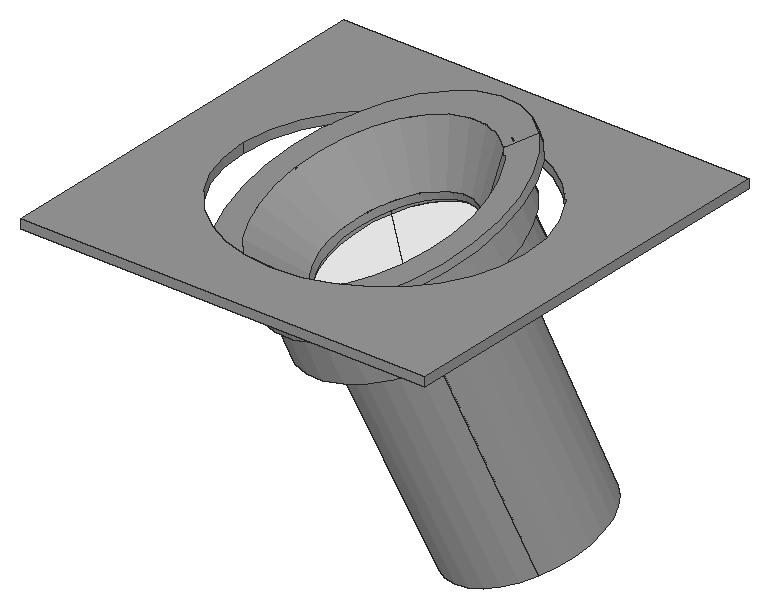
Revit family "0005310", category Lighting Fixtures, host Face, Revit 2017
Family settings
  Host = Face
  Round Connector Dimension = Use Diameter
  Part Type = Normal
  OmniClass Number = 23.80.70.00
  OmniClass Title = Lighting
  Cut with Voids When Loaded = No
  Light Source = No
  Shared = No
  Room Calculation Point = No
Parameters (values of type "0005310+0005306 Ludospot 50 Hous SQR RECT X1 CRDNC WHT + Ludospot 50 940lm 940 WB DIM")
  Weight = "n/a"
  Wattage Comments = ""
  WarrantyStartDate [instance] = "n/a"
  WarrantyGuarantorParts = "n/a"
  WarrantyDurationUnit = "n/a"
  WarrantyDurationParts = "n/a"
  WarrantyDescription = "n/a"
  WallThickness_SYL = 2 mm
  Voltage = 0 V
  VerticalRotationMid_SYL [instance] = 112.00°
  URL = "http://www.sylvania-lighting.com"
  TypeName = "Ludospot 50 Hous SQR RECT X1 CRDNC WHT + Ludospot 50 940lm 940 WB DIM"
  TypeLamp_SYL = Ludospot 50 Modules : 0005301 Ludospot 50 950lm 930 NB DIM
  Type Image = <None>
  Type Comments = "n/a"
  TrimWidth_SYL = 110 mm
  TrimLength_SYL = 110 mm
  TrimHeight_SYL = 2.5 mm
  SerialNumber [instance] = "n/a"
  RecessWidth_SYL = 90 mm
  RecessLength_SYL = 90 mm
  RecessDepth_SYL = 100 mm
  RadiusTrim_SYL = 3 mm
  Material_3_SYL = none
  PowerFactor = 0.9
  PowerConsumption = "12 W"
  NominalLength = 110 mm
  NominalHeight = 0 mm
  NominalDepth = 110 mm
  Name = "Ludospot 50 Hous SQR RECT X1 CRDNC WHT + Ludospot 50 940lm 940 WB DIM"
  ModelReference = Name  # "Ludospot 50 Hous SQR RECT X1 CRDNC WHT + Ludospot 50 940lm 940 WB DIM"
  ModelNumber = "0005310+0005306"
  Model = Name  # "Ludospot 50 Hous SQR RECT X1 CRDNC WHT + Ludospot 50 940lm 940 WB DIM"
  Material = "aluminium housing"
  ManufacturerName = "Feilo Sylvania"
  Manufacturer = "Feilo Sylvania"
  LuminousEfficacy = "78 lm/W"
  LuminaireType = ""
  LightOutputRatio = "n/a"
  LampsType = Lamp  # "LED"
  LampNominalLuminous = "940 lm"
  LampMacAdamStep = "3"
  LampColourTemperature = "4000 K"
  LampColourRenderingIndex = "90"
  Lamp = "LED"
  Keynote = "16500"
  InstallationDate [instance] = "n/a"
  InputVoltage = "220-240 V AC"
  InputNominalFrequency = "50/60 HZ"
  IngressProtection = "IP20"
  ImpactProtectionIndex = "IK03"
  IfcExportType = "IfcLightFixtureType"
  IfcExportAs = "IfcLightFixtureType"
  HorizontalRotationMid_SYL [instance] = 315.00°
  HoleDist_SYL = 220 mm
  EndAngleMid_SYL [instance] = HorizontalRotationMid_SYL + 180.00°  # 495.00°
  ElectricShockClassification = "Class II"
  DocumentationLiterature = "http://www.sylvania-lighting.com/product/en-int/products/0005310"
  DimmingControlOptions = "n/a"
  Material_2_SYL = none
  Description = ""
  Default Elevation = 1219.2 mm
  CreatedOn = "7/29/2019"
  CreatedBy = "@sylvania-lighting.com"
  Cost = 0
  built-in parameter 1114216 [instance] = (empty or 0)
  ClassificationValue = "EF_70_80"
  ClassificationName = "Uniclass2015"
  Material_1_SYL = PC/ABS Plastic
  CircularCutOutDia_SYL = 38.5 mm
  BarCode [instance] = "n/a"
  AssetType = "Fixed"
  AssetIdentifier [instance] = "n/a"
  Assembly Code = "D5020200"
  Apparent Load = 0 VA
  Material_4_SYL = none
Types (6, lengths in mm): name | TypeName | Name | ModelReference | ModelNumber | Model | LuminousEfficacy | LampNominalLuminous | LampColourTemperature
  0005310+0005306 Ludospot 50 Hous SQR RECT X1 CRDNC WHT + Ludospot 50 940lm 940 WB DIM | "Ludospot 50 Hous SQR RECT X1 CRDNC WHT + Ludospot 50 940lm 940 WB DIM" | "Ludospot 50 Hous SQR RECT X1 CRDNC WHT + Ludospot 50 940lm 940 WB DIM" | "Ludospot 50 Hous SQR RECT X1 CRDNC WHT + Ludospot 50 940lm 940 WB DIM" | "0005310+0005306" | "Ludospot 50 Hous SQR RECT X1 CRDNC WHT + Ludospot 50 940lm 940 WB DIM" | "78 lm/W" | "940 lm" | "4000 K"
  0005310+0005305 Ludospot 50 Hous SQR RECT X1 CRDNC WHT + Ludospot 50 920lm 930 WB DIM | "Ludospot 50 Hous SQR RECT X1 CRDNC WHT + Ludospot 50 920lm 930 WB DIM" | "Ludospot 50 Hous SQR RECT X1 CRDNC WHT + Ludospot 50 920lm 930 WB DIM" | "Ludospot 50 Hous SQR RECT X1 CRDNC WHT + Ludospot 50 920lm 930 WB DIM" | "0005310+0005305" | "Ludospot 50 Hous SQR RECT X1 CRDNC WHT + Ludospot 50 920lm 930 WB DIM" | "77 lm/W" | "920 lm" | "3000 K"
  0005310+0005304 Ludospot 50 Hous SQR RECT X1 CRDNC WHT + Ludospot 50 1000lm 940 MB DIM | "Ludospot 50 Hous SQR RECT X1 CRDNC WHT + Ludospot 50 1000lm 940 MB DIM" | "Ludospot 50 Hous SQR RECT X1 CRDNC WHT + Ludospot 50 1000lm 940 MB DIM" | "Ludospot 50 Hous SQR RECT X1 CRDNC WHT + Ludospot 50 1000lm 940 MB DIM" | "0005310+0005304" | "Ludospot 50 Hous SQR RECT X1 CRDNC WHT + Ludospot 50 1000lm 940 MB DIM" | "83 lm/W" | "950 lm" | "4000 K"
  0005310+0005303 Ludospot 50 Hous SQR RECT X1 CRDNC WHT + Ludospot 50 950lm 930 MB DIM | "Ludospot 50 Hous SQR RECT X1 CRDNC WHT + Ludospot 50 950lm 930 MB DIM" | "Ludospot 50 Hous SQR RECT X1 CRDNC WHT + Ludospot 50 950lm 930 MB DIM" | "Ludospot 50 Hous SQR RECT X1 CRDNC WHT + Ludospot 50 950lm 930 MB DIM" | "0005310+0005303" | "Ludospot 50 Hous SQR RECT X1 CRDNC WHT + Ludospot 50 950lm 930 MB DIM" | "80 lm/W" | "1000 lm" | "3000 K"
  0005310+0005302 Ludospot 50 Hous SQR RECT X1 CRDNC WHT + Ludospot 50 990lm 940 NB DIM | "Ludospot 50 Hous SQR RECT X1 CRDNC WHT + Ludospot 50 990lm 940 NB DIM" | "Ludospot 50 Hous SQR RECT X1 CRDNC WHT + Ludospot 50 990lm 940 NB DIM" | "Ludospot 50 Hous SQR RECT X1 CRDNC WHT + Ludospot 50 990lm 940 NB DIM" | "0005310+0005302" | "Ludospot 50 Hous SQR RECT X1 CRDNC WHT + Ludospot 50 990lm 940 NB DIM" | "83 lm/W" | "990 lm" | "4000 K"
  0005310+0005301 Ludospot 50 Hous SQR RECT X1 CRDNC WHT + Ludospot 50 950lm 930 NB DIM | "Ludospot 50 Hous SQR RECT X1 CRDNC WHT + Ludospot 50 950lm 930 NB DIM" | "Ludospot 50 Hous SQR RECT X1 CRDNC WHT + Ludospot 50 950lm 930 NB DIM" | "Ludospot 50 Hous SQR RECT X1 CRDNC WHT + Ludospot 50 950lm 930 NB DIM" | "0005310+0005301" | "Ludospot 50 Hous SQR RECT X1 CRDNC WHT + Ludospot 50 950lm 930 NB DIM" | "80 lm/W" | "950 lm" | "3000 K"
Reference planes
  plane 1 "Center (Front/Back)": y = 0
  plane 2: z = 0
  plane 3 "Center (Left/Right)": x = 0
  plane 4: x = -55
  plane 5: x = 55
  plane 6: y = 55
  plane 7: y = -55
  plane 8: x = 45
  plane 9: x = -45
  plane 10: y = 45
  plane 11: y = -45
  plane 12: z = -100
  plane 13: z = 2.5
  plane 14: z = 2.5
  plane 15: z = -18.5
  plane 16: z = -3.5
Forms (mm)
  Extrusion 1, void
    sketch origin (0, 0, 0) x (1, 0, 0) y (0, 1, 0)
      loop
        line (-45, 45) -> (-45, -45) -> (45, -45) -> (45, 45) -> (-45, 45)
    from 0 to -100
  Extrusion 2, solid, material "PC/ABS Plastic" <- "Material_1_SYL"
    sketch origin (0, 0, 0) x (1, 0, 0) y (0, 1, 0)
      loop
        line (-55, 55) -> (-55, -55) -> (55, -55) -> (55, 55) -> (-55, 55)
    from 0 to 2.5
  Extrusion 3, void
    sketch origin (1223.4, -4572, 2.5) x (-1, 0, 0) y (0, -1, 0)
      loop
        circle (1223.4, -4572) r 38.5
    from 0 to -21
  Revolve 4, solid, not visible
    sketch origin (0, 0, 0) x (1, 0, 0) y (0, 0, 1)
      loop
        line (0, -18.5) -> (0, -28.5) -> (5, -28.5) -> (5, -18.5) -> (0, -18.5)
      axis (0, -18.5) -> (0, -28.5)
    angle from 315 <- "HorizontalRotationMid_SYL" to 495 <- "EndAngleMid_SYL"
Cuts and joins
  Extrusion 3 cuts Extrusion 2
Lines and regions (mm)
  reference lines
    curve 1: circle (0, 0, 2.5) r 38.5 normal (0, 0, -1)
Dimensions and locks
  equal spacing: plane 11, plane 1 "Center (Front/Back)", plane 10
  equal spacing: plane 9, plane 3 "Center (Left/Right)", plane 8
  equal spacing: plane 4, plane 3 "Center (Left/Right)", plane 5
  equal spacing: plane 7, plane 1 "Center (Front/Back)", plane 6
  "TrimLength_SYL": plane 4 to plane 5
  "TrimWidth_SYL": plane 7 to plane 6
  "RecessWidth_SYL": plane 11 to plane 10
  "RecessLength_SYL": plane 9 to plane 8
  "RecessDepth_SYL": plane 2 to plane 12
  "TrimHeight_SYL": plane 13 to plane 2
  locked: plane 14 to plane 16 at 6
  equal spacing: host sketch curve, plane 1 "Center (Front/Back)", host sketch curve
  equal spacing: host sketch curve, plane 3 "Center (Left/Right)", host sketch curve
  "CircularCutOutDia_SYL": radius of curve 1
  aligned and locked: plane 2 to host face
  aligned and locked: level to host face
  aligned and locked: plane 10 to Extrusion 1 sketch curve
  aligned and locked: plane 9 to Extrusion 1 sketch curve
  aligned and locked: Extrusion 1 sketch curve to plane 11
  aligned and locked: Extrusion 1 sketch curve to plane 8
  aligned and locked: level to Extrusion 1
  aligned and locked: plane 12 to Extrusion 1
  aligned and locked: plane 2 to Extrusion 1
  aligned and locked: plane 6 to Extrusion 2 sketch curve
  aligned and locked: plane 4 to Extrusion 2 sketch curve
  aligned and locked: Extrusion 2 sketch curve to plane 7
  aligned and locked: Extrusion 2 sketch curve to plane 5
  aligned and locked: Extrusion 2 to plane 13
  aligned and locked: Extrusion 2 to level
  aligned and locked: Extrusion 3 to plane 14
  aligned and locked: plane 15 to Extrusion 3
  aligned and locked: Extrusion 3 sketch curve to curve 1
  aligned and locked: plane 15 to Revolve 4 sketch curve
  aligned and locked: plane 3 "Center (Left/Right)" to Revolve 4 sketch curve
  aligned and locked: Revolve 4 sketch curve to plane 3 "Center (Left/Right)"
Automatic sketch dimensions
  plane 3 "Center (Left/Right)" to Revolve 4 sketch curve = 5 mm
  plane 15 to Revolve 4 sketch curve = 10 mm
  plane 12 to Revolve 4 sketch curve = 509.6 mm
  Revolve 4 sketch curve to plane 13 = 2606.558 mm
  plane 1 "Center (Front/Back)" to curve 1 = 0 mm
  curve 1 to plane 3 "Center (Left/Right)" = 0 mm
Nested families
  nested 1: "VerticalRotation" at (0, 0, -3.5) x (-0.7071, 0.7071, 0) z (-0.7071, -0.7071, 0), VerticalRotation_SYL <- "VerticalRotationMid_SYL", type "Type Name", not visible
    with VerticalRotation_SYL 112.00°, EndAngleV_SYL 292.00°
  nested 2: "Dial" at (0, 0, -3.5) x (0.6556, 0.6556, 0.3746) z (0.2649, 0.2649, -0.9272), type "Type Name"
  nested 3: "Ludospot 50 Modules" at (2.384, 2.384, -11.845) x (0.7071, -0.7071, 0) z (-0.2649, -0.2649, 0.9272), type <- "TypeLamp_SYL", type "0005301 Ludospot 50 950lm 930 NB DIM"
    with WarrantyStartDate "n/a", SerialNumber "n/a", InstallationDate "n/a", built-in parameter 1114216 (empty or 0), BarCode "n/a", AssetIdentifier "n/a"
Definition of nested family "VerticalRotation"
  Parameters (values of type "Type Name")
    VerticalRotation_SYL [instance] = 0.00°
    URL = "http://www.sylvania-lighting.com"
    Type Image = (empty or 0)
    Type Comments = "n/a"
    Material_3_SYL = none
    Model = ""
    Manufacturer = "Feilo Sylvania"
    Keynote = ""
    Material_2_SYL = none
    EndAngleV_SYL [instance] = VerticalRotation_SYL + 180.00°  # 180.00°
    Description = ""
    Default Elevation = 1219.2 mm
    Cost = 0
    Material_1_SYL = none
    Assembly Code = ""
    Material_4_SYL = none
  Reference planes
    plane 1 "Center (Front/Back)": y = 0
    plane 2: z = 0
    plane 3 "Center (Left/Right)": x = 0
  Forms (mm)
    Extrusion 1, solid
      sketch origin (4.2, 0, 0) x (1, 0, 0) y (0, 1, 0)
        loop
          line (-1219.2, 1219.2) -> (-1219.2, -1219.2) -> (1219.2, -1219.2) -> (1219.2, 1219.2) -> (-1219.2, 1219.2)
      from 0 to -68.017
    Revolve 2, solid
      sketch origin (0, 0, 0) x (1, 0, 0) y (0, 1, 0)
        loop
          line (0, 0) -> (25, 0) -> (25, 10) -> (0, 10) -> (0, 0)
        axis (25, 0) -> (0, 0)
      angle from 0 <- "VerticalRotation_SYL" to 180 <- "EndAngleV_SYL"
  Dimensions and locks
    aligned and locked: plane 2 to Extrusion 1
    aligned and locked: level to Extrusion 1
    aligned and locked: Revolve 2 sketch curve to plane 1 "Center (Front/Back)"
Definition of nested family "Dial"
  Parameters (values of type "Type Name")
    URL = "http://www.sylvania-lighting.com"
    Type Image = (empty or 0)
    Type Comments = "n/a"
    Material_3_SYL = none
    Model = ""
    Manufacturer = "Feilo Sylvania"
    Keynote = ""
    Material_2_SYL = none
    Description = ""
    Default Elevation = 1219.2 mm
    Cost = 0
    Material_1_SYL = none
    Assembly Code = ""
    Material_4_SYL = none
  Reference planes
    plane 1 "Center (Front/Back)": y = 0
    plane 2: z = 0
    plane 3 "Center (Left/Right)": x = 0
    plane 4: x = -38.2
    plane 5: x = -30
    plane 6: x = -20
    plane 7: x = -25
    plane 8: z = 7
    plane 9: z = 9
    plane 10: z = 20
    plane 11: z = -6
    plane 12: x = -32.5
    plane 13: z = -4
  Forms (mm)
    Extrusion 1, solid
      sketch origin (4.2, 0, 0) x (1, 0, 0) y (0, 1, 0)
        loop
          line (-1219.2, 1219.2) -> (-1219.2, -1219.2) -> (1219.2, -1219.2) -> (1219.2, 1219.2) -> (-1219.2, 1219.2)
      from 0 to -68.017
    Revolve 2, solid, material <- "Material_1_SYL"
      sketch origin (0, 0, 0) x (1, 0, 0) y (0, 0, 1)
        loop
          line (-25, 20) -> (-30, 20) -> (-30, 7) -> (-32.5, 7) -> (-32.5, -4) -> (-38.2, -4) -> (-38.2, -6) -> (-30, -6) -> (-20, 7) -> (-20, 9) -> (-25, 9) -> (-25, 20)
        axis (0, 20) -> (0, -6)
      angle from 360 to 0
  Dimensions and locks
    locked: plane 2 to plane 11 at 6
    locked: plane 9 to plane 11 at 15
    locked: plane 9 to plane 8 at 2
    locked: plane 10 to plane 11 at 26
    locked: plane 3 "Center (Left/Right)" to plane 4 at 38.2
    locked: plane 3 "Center (Left/Right)" to plane 5 at 30
    locked: plane 3 "Center (Left/Right)" to plane 7 at 25
    locked: plane 3 "Center (Left/Right)" to plane 6 at 20
    locked: plane 3 "Center (Left/Right)" to plane 12 at 32.5
    locked: plane 13 to plane 11 at 2
    aligned and locked: plane 2 to Extrusion 1
    aligned and locked: level to Extrusion 1
    aligned and locked: Revolve 2 sketch curve to plane 3 "Center (Left/Right)"
    aligned and locked: plane 7 to Revolve 2 sketch curve  (x2)
    aligned and locked: Revolve 2 sketch curve to plane 10
    aligned and locked: Revolve 2 sketch curve to plane 5
    aligned and locked: plane 11 to Revolve 2 sketch curve  (x2)
    aligned and locked: Revolve 2 sketch curve to plane 4
    aligned and locked: plane 6 to Revolve 2 sketch curve  (x2)
    aligned and locked: Revolve 2 sketch curve to plane 9
    aligned and locked: plane 12 to Revolve 2 sketch curve
    aligned and locked: plane 8 to Revolve 2 sketch curve
Definition of nested family "Ludospot 50 Modules"
  Parameters (values of type "0005305 Ludospot 50 920lm 940 WB DIM")
    Weight = ""
    Wattage Comments = ""
    Wattage = 12 W
    WarrantyStartDate [instance] = "n/a"
    WarrantyGuarantorParts = "n/a"
    WarrantyDurationUnit = "n/a"
    WarrantyDurationParts = "n/a"
    WarrantyDescription = "n/a"
    built-in parameter 1150110 = 1 (stored number, unit not read)
    Voltage = 220 V
    URL = "http://www.sylvania-lighting.com"
    TypeName = "Ludospot 50 920lm 940 WB DIM"
    Type Image = (empty or 0)
    Type Comments = "n/a"
    built-in parameter 1114217 = 1 (stored number, unit not read)
    Tilt Angle = -90.00°
    built-in parameter 1150109 = 1 (stored number, unit not read)
    built-in parameter 1150134 = (empty or 0)
    built-in parameter 1150113 = 1 (stored number, unit not read)
    SerialNumber [instance] = "n/a"
    Photometric Web File = "0005305.ies"
    Material_3_SYL = none
    PowerFactor = 0.9
    PowerConsumption = "12 W"
    NominalLength = 50 mm
    NominalHeight = 73 mm
    NominalDepth = 50 mm
    Name = "0005305 Ludospot 50 920lm 940 WB DIM"
    ModelReference = Name  # "0005305 Ludospot 50 920lm 940 WB DIM"
    ModelNumber = "0005305"
    Model = Name  # "0005305 Ludospot 50 920lm 940 WB DIM"
    Material = "aluminium housing"
    ManufacturerName = "Feilo Sylvania"
    Manufacturer = "Feilo Sylvania"
    LuminousEfficacy = "77 lm/W"
    built-in parameter 1150105 = 73.53 (stored number, unit not read)
    Lumens = 924 lm
    LuminaireType = ""
    built-in parameter 1150115 = 1 (stored number, unit not read)
    LightOutputRatio = ""
    built-in parameter 1150137 = (empty or 0)
    built-in parameter 1150139 = (empty or 0)
    LampsType = Lamp  # "LED"
    LampNominalLuminous = "920 lm"
    LampMacAdamStep = "3"
    LampColourTemperature = "3000 K"
    LampColourRenderingIndex = "90"
    built-in parameter 1150112 = 1 (stored number, unit not read)
    built-in parameter 1150114 = 1 (stored number, unit not read)
    Lamp = "LED"
    Keynote = "16500"
    InstallationDate [instance] = "n/a"
    InputVoltage = "220-240 V AC"
    InputNominalFrequency = "50/60 HZ"
    built-in parameter 1150132 = (empty or 0)
    built-in parameter 1150102 = (empty or 0)
    built-in parameter 1150107 = 3000 (stored number, unit not read)
    built-in parameter 1150138 = (empty or 0)
    IngressProtection = "IP44/20"
    ImpactProtectionIndex = "IK07"
    built-in parameter 1150106 = 0.7353 (stored number, unit not read)
    IfcExportType = "IfcLightFixtureType"
    IfcExportAs = "IfcLightFixtureType"
    Emit from Circle Diameter = 40 mm
    Emit Shape Visible in Rendering = no
    ElectricShockClassification = "Class II"
    built-in parameter 1150104 = 7.1535 (stored number, unit not read)
    DocumentationLiterature = "https://www.sylvania-lighting.com/product/en-int/products/0005305/"
    DimmingControlOptions = "Mains: leading / trailing edge"
    Material_2_SYL = none
    Dimming Lamp Color Temperature Shift = (empty or 0)
    Description = ""
    Default Elevation = 1219.2 mm
    CreatedOn = ""
    CreatedBy = ""
    Cost = 0
    Color Filter = 16777215
    built-in parameter 1114216 [instance] = (empty or 0)
    ClassificationValue = "EF_70_80"
    ClassificationName = "Uniclass2015"
    Material_1_SYL = none
    BarCode [instance] = "n/a"
    built-in parameter 1114218 = 1 (stored number, unit not read)
    built-in parameter 1150133 = 10 (stored number, unit not read)
    AssetType = ""
    AssetIdentifier [instance] = "n/a"
    Assembly Code = "D5020200"
    Apparent Load = 12 VA
    Material_4_SYL = none
  Types (6, lengths in mm): name | TypeName | built-in parameter 1150134 | Photometric Web File | Name | ModelReference | ModelNumber | Model | LuminousEfficacy | built-in parameter 1150105 | Lumens | LampNominalLuminous | LampColourTemperature | built-in parameter 1150107 | ImpactProtectionIndex | built-in parameter 1150106 | built-in parameter 1150104 | DocumentationLiterature
    0005305 Ludospot 50 920lm 940 WB DIM | "Ludospot 50 920lm 940 WB DIM" | (empty or 0) | "0005305.ies" | "0005305 Ludospot 50 920lm 940 WB DIM" | "0005305 Ludospot 50 920lm 940 WB DIM" | "0005305" | "0005305 Ludospot 50 920lm 940 WB DIM" | "77 lm/W" | 73.53 (stored number, unit not read) | 924 lm | "920 lm" | "3000 K" | 3000 (stored number, unit not read) | "IK07" | 0.7353 (stored number, unit not read) | 7.1535 (stored number, unit not read) | "https://www.sylvania-lighting.com/product/en-int/products/0005305/"
    0005304 Ludospot 50 1000lm 940 MB DIM | "Ludospot 50 1000lm 940 MB DIM" | 12 | "0005304.ies" | "0005304 Ludospot 50 1000lm 940 MB DIM" | "0005304 Ludospot 50 1000lm 940 MB DIM" | "0005304" | "0005304 Ludospot 50 1000lm 940 MB DIM" | "83 lm/W" | 79.259 (stored number, unit not read) | 996 lm | "950 lm" | "4000 K" | 4000 (stored number, unit not read) | "IK06" | 0.79259 (stored number, unit not read) | 7.711 (stored number, unit not read) | "https://www.sylvania-lighting.com/product/en-int/products/0005304/"
    0005303 Ludospot 50 950lm 930 MB DIM | "Ludospot 50 950lm 930 MB DIM" | (empty or 0) | "0005303.ies" | "0005303 Ludospot 50 950lm 930 MB DIM" | "0005303 Ludospot 50 950lm 930 MB DIM" | "0005303" | "0005303 Ludospot 50 950lm 930 MB DIM" | "80 lm/W" | 76.394 (stored number, unit not read) | 960 lm | "1000 lm" | "3000 K" | 3000 (stored number, unit not read) | "IK05" | 0.76394 (stored number, unit not read) | 7.4322 (stored number, unit not read) | "https://www.sylvania-lighting.com/product/en-int/products/0005303/"
    0005302 Ludospot 50 990lm 930 NB DIM | "Ludospot 50 990lm 930 NB DIM" | 12 | "0005302.ies" | "0005302 Ludospot 50 990lm 930 NB DIM" | "0005302 Ludospot 50 990lm 930 NB DIM" | "0005302" | "0005302 Ludospot 50 990lm 930 NB DIM" | "83 lm/W" | 79.259 (stored number, unit not read) | 996 lm | "990 lm" | "4000 K" | 4000 (stored number, unit not read) | "IK04" | 0.79259 (stored number, unit not read) | 7.711 (stored number, unit not read) | "https://www.sylvania-lighting.com/product/en-int/products/0005302/"
    0005301 Ludospot 50 950lm 930 NB DIM | "Ludospot 50 950lm 930 NB DIM" | (empty or 0) | "0005301.ies" | "0005301 Ludospot 50 950lm 930 NB DIM" | "0005301 Ludospot 50 950lm 930 NB DIM" | "0005301" | "0005301 Ludospot 50 950lm 930 NB DIM" | "80 lm/W" | 76.394 (stored number, unit not read) | 960 lm | "950 lm" | "3000 K" | 3000 (stored number, unit not read) | "IK03" | 0.76394 (stored number, unit not read) | 7.4322 (stored number, unit not read) | "https://www.sylvania-lighting.com/product/en-int/products/0005301/"
    0005306 Ludospot 50 940lm 940 WB DIM | "Ludospot 50 940lm 940 WB DIM" | 12 | "0005306.ies" | "0005306 Ludospot 50 940lm 940 WB DIM" | "0005306 Ludospot 50 940lm 940 WB DIM" | "0005306" | "0005306 Ludospot 50 940lm 940 WB DIM" | "78 lm/W" | 74.485 (stored number, unit not read) | 936 lm | "940 lm" | "4000 K" | 4000 (stored number, unit not read) | "IK08" | 0.74485 (stored number, unit not read) | 7.2464 (stored number, unit not read) | "https://www.sylvania-lighting.com/product/en-int/products/0005306/"
  Reference planes
    plane 1 "Center (Front/Back)": y = 0
    plane 2: z = 0
    plane 3 "Center (Left/Right)": x = 0
    plane 4: x = -25
    plane 5: z = -2.7
    plane 6: x = -23.6
    plane 7: z = -3.7
    plane 8: z = -12.7
    plane 9: z = -25.7
    plane 10: x = -22
    plane 11: z = -73
    plane 12: x = -21
    plane 13: z = -1.3
  Forms (mm)
    Extrusion 1, solid
      sketch origin (4.2, 0, 0) x (1, 0, 0) y (0, 1, 0)
        loop
          line (-1219.2, 1219.2) -> (-1219.2, -1219.2) -> (1219.2, -1219.2) -> (1219.2, 1219.2) -> (-1219.2, 1219.2)
      from 0 to -68.017
    Revolve 2, solid, material <- "Material_1_SYL"
      sketch origin (0, 0, 0) x (1, 0, 0) y (0, 0, 1)
        loop
          line (-25, 0) -> (-25, -2.7) -> (-23.6, -2.7) -> (-23.6, -3.7) -> (-22, -12.7) -> (-21, -73) -> (0, -73) -> (0, -1.3) -> (-21, -1.3) -> (-21, 0) -> (-25, 0)
        axis (0, 0) -> (0, -73)
      angle from 360 to 0
  Dimensions and locks
    locked: plane 3 "Center (Left/Right)" to plane 4 at 25
    locked: plane 3 "Center (Left/Right)" to plane 6 at 23.6
    locked: plane 7 to plane 8 at 9
    locked: plane 3 "Center (Left/Right)" to plane 10 at 22
    locked: plane 2 to plane 11 at 73
    locked: plane 3 "Center (Left/Right)" to plane 12 at 21
    plane 2 to plane 13 to plane 5 to plane 7 = 1.3 mm locked, 1.4 mm locked, 1 mm locked
    aligned and locked: plane 2 to Extrusion 1
    aligned and locked: level to Extrusion 1
    aligned and locked: Revolve 2 sketch curve to plane 4
    aligned and locked: plane 5 to Revolve 2 sketch curve
    aligned and locked: Revolve 2 sketch curve to plane 6
    aligned and locked: plane 8 to Revolve 2 sketch curve
    aligned and locked: plane 12 to Revolve 2 sketch curve  (x2)
    aligned and locked: plane 11 to Revolve 2 sketch curve
    aligned and locked: plane 3 "Center (Left/Right)" to Revolve 2 sketch curve
    aligned and locked: Revolve 2 sketch curve to level
    aligned and locked: plane 13 to Revolve 2 sketch curve  (x2)
    aligned and locked: Revolve 2 sketch curve to plane 12
    aligned and locked: level to imposter light
    aligned and locked: plane 3 "Center (Left/Right)" to imposter light
    aligned and locked: imposter light to plane 1 "Center (Front/Back)"
  Connectors
    electrical at (0, 0, -73), driven by "PowerFactor", driven by "Voltage", driven by "Apparent Load"
      settings: on Revolve 2, index 1, voltage 220 V, apparent load 12 VA, apparent load phase1 0 VA, apparent load phase2 0 VA, apparent load phase3 0 VA, power factor 0.9, load classification none, number of poles 1, system type 30, power factor state 1, is connector primary yes, connector utility no, sub classification motor no, connector description ""
